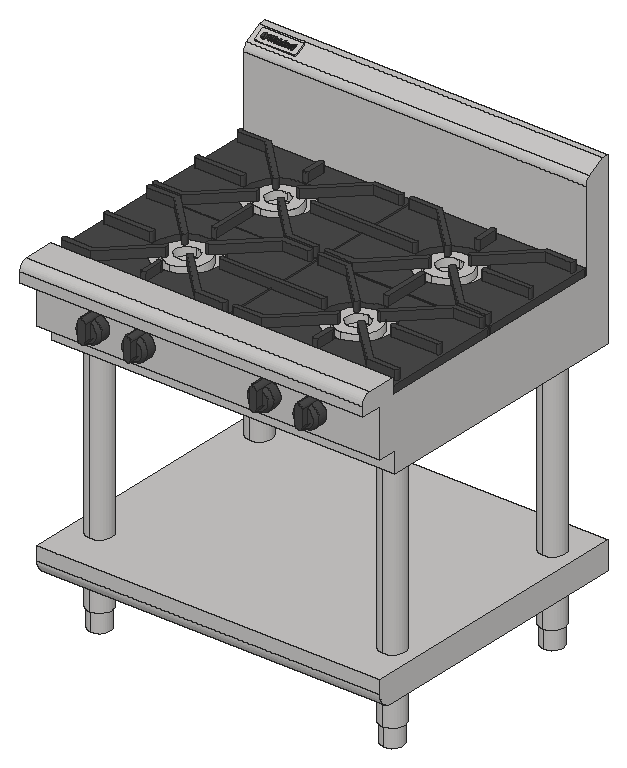
Revit family "QF_MOFFAT WALDORF_RN8900G-LS", category Specialty Equipment, Revit 2012
Parameters
  Weight in Pounds = 284.396
  URL Cutsheet = "www.moffat.com"
  URL = "www.moffat.com"
  Type Mark [instance] = ""
  Status [instance] = ""
  Specification by User [instance] = ""
  Specification by Manufacturer = ""
  Show Logo [instance] = yes
  Show Casters [instance] = no
  Serial Number = ""
  Seismic Rating = ""
  SMACNA No = ""
  Revision Code [instance] = ""
  Omniclass Number and Title = ""
  NAFEM Spec ID Number = ""
  Model = "RN8900G-LS"
  Mechanical Remarks [instance] = ""
  Mechanical Connection Type [instance] = ""
  Masterspec = ""
  Manufacturer = "MOFFAT WALDORF"
  Legs [instance] = not(Show Casters)  # yes
  Item Number [instance] = ""
  Installed By [instance] = ""
  Identify Quantity as Lot [instance] = yes
  Gas Size = 3/4"
  Gas RI Height [instance] = 0.0 mm
  Gas KW [instance] = 31
  Gas Input [instance] = 106156.0 Btu/h
  Gas Connection Height = 0.0 mm
  Furnished By [instance] = ""
  Foodservice Equipment Identifier [instance] = yes
  Description = "COOK TOP GAS ON LEG STAND"
  CSI MasterFormat = ""
  CSI Master Format = ""
  Base Height [instance] = 150.0 mm
Reference planes
  plane 1 "BACK": y = 0
  plane 2: z = 0
  plane 3 "LEFT": x = 0
  plane 4 "RIGHT": x = 900
  plane 5 "FRONT": y = -805
  plane 6 "TOP": z = 1130
  plane 7 "Center Y": x = 450
  plane 8 "Center X": y = -402.5
  plane 9 "Base Height": z = 150
  plane 10: z = 915
  plane 11: x = 65.8
Forms (mm)
  Extrusion 1, solid, material "QF_Finishes_Stainless Steel"
    sketch origin (0, 0, 0) x (0, 1, 0) y (0, 0, 1)
      loop
        line (-805, 891) -> (-805, 866) -> (-749, 866) -> (-749, 740) -> (-699, 740) -> (-699, 685) -> (0, 685) -> (0, 1130) -> (-16.5, 1130) -> (-58.709, 1105.631)
        arc (-58.709, 1105.631) -> (-66.975, 1097.365) -> (-70, 1086.074) r 22.582
        line (-70, 1086.074) -> (-70, 875) -> (-705, 875) -> (-705, 915) -> (-781, 915)
        arc (-781, 915) -> (-797.971, 907.971) -> (-805, 891) r 24
      loop
        line (0, 222.5) -> (-749, 222.5) -> (-749, 188)
        arc (-749, 188) -> (-737.87, 161.13) -> (-711, 150) r 38
        line (-711, 150) -> (0, 150) -> (0, 222.5)
    from 0 to 900
  Revolve 2, solid, material "QF_Finishes_Black"
    sketch origin (285.001, 0, 600) x (0, -1, 0) y (0, 0, 1)
      loop
        line (782, 234.605) -> (759, 234.605) -> (759, 207.105) -> (749, 207.105) -> (749, 202.105) -> (793, 202.105) -> (793, 228.757) -> (782, 234.605)
      axis (793, 202.105) -> (749, 202.105)
    angle from 0 to 360
  Extrusion 3, solid, material "QF_Finishes_Black"
    sketch origin (-3.43, 0, 496.003) x (1, 0, 0) y (0, 0, 1)
      loop
        line (298.431, 294) -> (298.431, 332.997)
        arc (298.431, 332.997) -> (288.431, 342.997) -> (278.431, 332.997) r 10
        line (278.431, 332.997) -> (278.431, 294)
        arc (278.431, 294) -> (288.431, 284) -> (298.431, 294) r 10
    from 759 to 808
  Extrusion 4, solid, material "QF_Finishes_Stainless Steel"
    sketch origin (705, 3, 95) x (1, 0, 0) y (0, 1, 0)
      loop
        circle (65, -35) r 13.5
    from 560 to 590
  Revolve 5, solid, material "QF_Finishes_Black"
    sketch origin (165, 0, 599.873) x (0, 1, 0) y (0, 0, -1)
      loop
        line (-782, -234.5) -> (-759, -234.5) -> (-759, -207) -> (-749, -207) -> (-749, -202) -> (-793, -202) -> (-793, -228.651) -> (-782, -234.5)
      axis (-793, -202) -> (-749, -202)
    angle from 0 to 360
  Extrusion 6, solid, material "QF_Finishes_Black"
    sketch origin (303.27, 0, 600.031) x (-1, 0, 0) y (0, 0, -1)
      loop
        arc (148.269, -189.969) -> (138.269, -179.969) -> (128.269, -189.969) r 10
        line (128.269, -189.969) -> (128.269, -228.969)
        arc (128.269, -228.969) -> (138.269, -238.969) -> (148.269, -228.969) r 10
        line (148.269, -228.969) -> (148.269, -189.969)
    from 759 to 808
  Extrusion 7, solid, material "QF_Finishes_Black"
    sketch origin (0, -70, 894.5) x (0, -1, 0) y (1, 0, 0)
      loop
        spline (259.398, 230.775) -> (258.104, 230.557) -> (256.898, 229.918) -> (255.862, 228.9) -> (255.068, 227.575) -> (254.568, 226.031) -> (254.398, 224.375) -> (254.568, 222.719) -> (255.068, 221.175) -> (255.862, 219.85) -> (256.898, 218.832) -> (258.104, 218.193) -> (259.398, 217.975)
        line (259.398, 217.975) -> (375.602, 217.975)
        spline (375.602, 217.975) -> (376.896, 218.193) -> (378.102, 218.832) -> (379.138, 219.85) -> (379.932, 221.175) -> (380.432, 222.719) -> (380.602, 224.375) -> (380.432, 226.031) -> (379.932, 227.575) -> (379.138, 228.9) -> (378.102, 229.918) -> (376.896, 230.557) -> (375.602, 230.775)
        line (375.602, 230.775) -> (259.398, 230.775)
      loop
        spline (608.602, 217.975) -> (609.896, 218.193) -> (611.102, 218.832) -> (612.138, 219.85) -> (612.932, 221.175) -> (613.432, 222.719) -> (613.602, 224.375) -> (613.432, 226.031) -> (612.932, 227.575) -> (612.138, 228.9) -> (611.102, 229.918) -> (609.896, 230.557) -> (608.602, 230.775)
        line (608.602, 230.775) -> (559.398, 230.775)
        spline (559.398, 230.775) -> (558.104, 230.557) -> (556.898, 229.918) -> (555.862, 228.9) -> (555.068, 227.575) -> (554.568, 226.031) -> (554.398, 224.375) -> (554.568, 222.719) -> (555.068, 221.175) -> (555.862, 219.85) -> (556.898, 218.832) -> (558.104, 218.193) -> (559.398, 217.975)
        line (559.398, 217.975) -> (608.602, 217.975)
      loop
        line (473.9, 13.273) -> (473.9, 132.477)
        spline (473.9, 132.477) -> (473.682, 133.771) -> (473.043, 134.977) -> (472.025, 136.013) -> (470.7, 136.807) -> (469.156, 137.307) -> (467.5, 137.477) -> (465.844, 137.307) -> (464.3, 136.807) -> (462.975, 136.013) -> (461.957, 134.977) -> (461.318, 133.771) -> (461.1, 132.477)
        line (461.1, 132.477) -> (461.1, 13.273)
        spline (461.1, 13.273) -> (461.318, 11.979) -> (461.957, 10.773) -> (462.975, 9.737) -> (464.3, 8.943) -> (465.844, 8.443) -> (467.5, 8.273) -> (469.156, 8.443) -> (470.7, 8.943) -> (472.025, 9.737) -> (473.043, 10.773) -> (473.682, 11.979) -> (473.9, 13.273)
      loop
        line (21.428, 87.354) -> (21.428, 13.21)
        spline (21.428, 13.21) -> (21.656, 11.916) -> (22.325, 10.71) -> (23.39, 9.675) -> (24.778, 8.88) -> (26.394, 8.381) -> (28.128, 8.21) -> (29.862, 8.381) -> (31.478, 8.88) -> (32.865, 9.675) -> (33.93, 10.71) -> (34.599, 11.916) -> (34.828, 13.21)
        line (34.828, 13.21) -> (34.828, 82.652) -> (140.576, 188.4)
        spline (140.576, 188.4) -> (141.337, 189.47) -> (141.738, 190.774) -> (141.751, 192.226) -> (141.375, 193.725) -> (140.637, 195.17) -> (139.586, 196.461) -> (138.295, 197.512) -> (136.85, 198.25) -> (135.351, 198.626) -> (133.899, 198.613) -> (132.595, 198.212) -> (131.525, 197.451)
        line (131.525, 197.451) -> (21.428, 87.354)
      loop
        spline (26.398, 230.775) -> (25.104, 230.557) -> (23.898, 229.918) -> (22.862, 228.9) -> (22.068, 227.575) -> (21.568, 226.031) -> (21.398, 224.375) -> (21.568, 222.719) -> (22.068, 221.175) -> (22.862, 219.85) -> (23.898, 218.832) -> (25.104, 218.193) -> (26.398, 217.975)
        line (26.398, 217.975) -> (75.602, 217.975)
        spline (75.602, 217.975) -> (76.896, 218.193) -> (78.102, 218.832) -> (79.138, 219.85) -> (79.932, 221.175) -> (80.432, 222.719) -> (80.602, 224.375) -> (80.432, 226.031) -> (79.932, 227.575) -> (79.138, 228.9) -> (78.102, 229.918) -> (76.896, 230.557) -> (75.602, 230.775)
        line (75.602, 230.775) -> (26.398, 230.775)
      loop
        line (313.572, 87.354) -> (203.475, 197.451)
        spline (203.475, 197.451) -> (202.405, 198.212) -> (201.101, 198.613) -> (199.649, 198.626) -> (198.15, 198.25) -> (196.705, 197.512) -> (195.414, 196.461) -> (194.363, 195.17) -> (193.625, 193.725) -> (193.249, 192.226) -> (193.262, 190.774) -> (193.663, 189.47) -> (194.424, 188.4)
        line (194.424, 188.4) -> (300.172, 82.652) -> (300.172, 13.21)
        spline (300.172, 13.21) -> (300.401, 11.916) -> (301.07, 10.71) -> (302.135, 9.675) -> (303.522, 8.88) -> (305.138, 8.381) -> (306.872, 8.21) -> (308.606, 8.381) -> (310.222, 8.88) -> (311.61, 9.675) -> (312.675, 10.71) -> (313.344, 11.916) -> (313.572, 13.21)
        line (313.572, 13.21) -> (313.572, 87.354)
      loop
        line (173.9, 13.273) -> (173.9, 132.477)
        spline (173.9, 132.477) -> (173.682, 133.771) -> (173.043, 134.977) -> (172.025, 136.013) -> (170.7, 136.807) -> (169.156, 137.307) -> (167.5, 137.477) -> (165.844, 137.307) -> (164.3, 136.807) -> (162.975, 136.013) -> (161.957, 134.977) -> (161.318, 133.771) -> (161.1, 132.477)
        line (161.1, 132.477) -> (161.1, 13.273)
        spline (161.1, 13.273) -> (161.318, 11.979) -> (161.957, 10.773) -> (162.975, 9.737) -> (164.3, 8.943) -> (165.844, 8.443) -> (167.5, 8.273) -> (169.156, 8.443) -> (170.7, 8.943) -> (172.025, 9.737) -> (173.043, 10.773) -> (173.682, 11.979) -> (173.9, 13.273)
      loop
        line (21.428, 361.396) -> (131.525, 251.299)
        spline (131.525, 251.299) -> (132.595, 250.538) -> (133.899, 250.137) -> (135.351, 250.124) -> (136.85, 250.5) -> (138.295, 251.238) -> (139.586, 252.289) -> (140.637, 253.58) -> (141.375, 255.025) -> (141.751, 256.524) -> (141.738, 257.976) -> (141.337, 259.28) -> (140.576, 260.35)
        line (140.576, 260.35) -> (34.828, 366.098) -> (34.828, 435.54)
        spline (34.828, 435.54) -> (34.599, 436.834) -> (33.93, 438.04) -> (32.865, 439.075) -> (31.478, 439.87) -> (29.862, 440.369) -> (28.128, 440.54) -> (26.394, 440.369) -> (24.778, 439.87) -> (23.39, 439.075) -> (22.325, 438.04) -> (21.656, 436.834) -> (21.428, 435.54)
        line (21.428, 435.54) -> (21.428, 361.396)
      loop
        line (313.572, 361.396) -> (313.572, 435.54)
        spline (313.572, 435.54) -> (313.344, 436.834) -> (312.675, 438.04) -> (311.61, 439.075) -> (310.222, 439.87) -> (308.606, 440.369) -> (306.872, 440.54) -> (305.138, 440.369) -> (303.522, 439.87) -> (302.135, 439.075) -> (301.07, 438.04) -> (300.401, 436.834) -> (300.172, 435.54)
        line (300.172, 435.54) -> (300.172, 366.098) -> (194.424, 260.35)
        spline (194.424, 260.35) -> (193.663, 259.28) -> (193.262, 257.976) -> (193.249, 256.524) -> (193.625, 255.025) -> (194.363, 253.58) -> (195.414, 252.289) -> (196.705, 251.238) -> (198.15, 250.5) -> (199.649, 250.124) -> (201.101, 250.137) -> (202.405, 250.538) -> (203.475, 251.299)
        line (203.475, 251.299) -> (313.572, 361.396)
      loop
        spline (173.9, 583.727) -> (173.682, 585.021) -> (173.043, 586.227) -> (172.025, 587.263) -> (170.7, 588.057) -> (169.156, 588.557) -> (167.5, 588.727) -> (165.844, 588.557) -> (164.3, 588.057) -> (162.975, 587.263) -> (161.957, 586.227) -> (161.318, 585.021) -> (161.1, 583.727)
        line (161.1, 583.727) -> (161.1, 316.273)
        spline (161.1, 316.273) -> (161.318, 314.979) -> (161.957, 313.773) -> (162.975, 312.737) -> (164.3, 311.943) -> (165.844, 311.443) -> (167.5, 311.273) -> (169.156, 311.443) -> (170.7, 311.943) -> (172.025, 312.737) -> (173.043, 313.773) -> (173.682, 314.979) -> (173.9, 316.273)
        line (173.9, 316.273) -> (173.9, 583.727)
      loop
        line (320.428, 87.354) -> (320.428, 13.21)
        spline (320.428, 13.21) -> (320.656, 11.916) -> (321.325, 10.71) -> (322.39, 9.675) -> (323.778, 8.88) -> (325.394, 8.381) -> (327.128, 8.21) -> (328.862, 8.381) -> (330.478, 8.88) -> (331.865, 9.675) -> (332.93, 10.71) -> (333.599, 11.916) -> (333.828, 13.21)
        line (333.828, 13.21) -> (333.828, 82.652) -> (439.576, 188.4)
        spline (439.576, 188.4) -> (440.337, 189.47) -> (440.738, 190.774) -> (440.751, 192.226) -> (440.375, 193.725) -> (439.637, 195.17) -> (438.586, 196.461) -> (437.295, 197.512) -> (435.85, 198.25) -> (434.351, 198.626) -> (432.899, 198.613) -> (431.595, 198.212) -> (430.525, 197.451)
        line (430.525, 197.451) -> (320.428, 87.354)
      loop
        line (612.572, 87.354) -> (502.475, 197.451)
        spline (502.475, 197.451) -> (501.405, 198.212) -> (500.101, 198.613) -> (498.649, 198.626) -> (497.15, 198.25) -> (495.705, 197.512) -> (494.414, 196.461) -> (493.363, 195.17) -> (492.625, 193.725) -> (492.249, 192.226) -> (492.262, 190.774) -> (492.663, 189.47) -> (493.424, 188.4)
        line (493.424, 188.4) -> (599.172, 82.652) -> (599.172, 13.21)
        spline (599.172, 13.21) -> (599.401, 11.916) -> (600.07, 10.71) -> (601.135, 9.675) -> (602.522, 8.88) -> (604.138, 8.381) -> (605.872, 8.21) -> (607.606, 8.381) -> (609.222, 8.88) -> (610.61, 9.675) -> (611.675, 10.71) -> (612.344, 11.916) -> (612.572, 13.21)
        line (612.572, 13.21) -> (612.572, 87.354)
      loop
        line (320.428, 361.396) -> (430.525, 251.299)
        spline (430.525, 251.299) -> (431.595, 250.538) -> (432.899, 250.137) -> (434.351, 250.124) -> (435.85, 250.5) -> (437.295, 251.238) -> (438.586, 252.289) -> (439.637, 253.58) -> (440.375, 255.025) -> (440.751, 256.524) -> (440.738, 257.976) -> (440.337, 259.28) -> (439.576, 260.35)
        line (439.576, 260.35) -> (333.828, 366.098) -> (333.828, 435.54)
        spline (333.828, 435.54) -> (333.599, 436.834) -> (332.93, 438.04) -> (331.865, 439.075) -> (330.478, 439.87) -> (328.862, 440.369) -> (327.128, 440.54) -> (325.394, 440.369) -> (323.778, 439.87) -> (322.39, 439.075) -> (321.325, 438.04) -> (320.656, 436.834) -> (320.428, 435.54)
        line (320.428, 435.54) -> (320.428, 361.396)
      loop
        line (612.572, 361.396) -> (612.572, 435.54)
        spline (612.572, 435.54) -> (612.344, 436.834) -> (611.675, 438.04) -> (610.61, 439.075) -> (609.222, 439.87) -> (607.606, 440.369) -> (605.872, 440.54) -> (604.138, 440.369) -> (602.522, 439.87) -> (601.135, 439.075) -> (600.07, 438.04) -> (599.401, 436.834) -> (599.172, 435.54)
        line (599.172, 435.54) -> (599.172, 366.098) -> (493.424, 260.35)
        spline (493.424, 260.35) -> (492.663, 259.28) -> (492.262, 257.976) -> (492.249, 256.524) -> (492.625, 255.025) -> (493.363, 253.58) -> (494.414, 252.289) -> (495.705, 251.238) -> (497.15, 250.5) -> (498.649, 250.124) -> (500.101, 250.137) -> (501.405, 250.538) -> (502.475, 251.299)
        line (502.475, 251.299) -> (612.572, 361.396)
      loop
        spline (472.9, 583.727) -> (472.682, 585.021) -> (472.043, 586.227) -> (471.025, 587.263) -> (469.7, 588.057) -> (468.156, 588.557) -> (466.5, 588.727) -> (464.844, 588.557) -> (463.3, 588.057) -> (461.975, 587.263) -> (460.957, 586.227) -> (460.318, 585.021) -> (460.1, 583.727)
        line (460.1, 583.727) -> (460.1, 316.273)
        spline (460.1, 316.273) -> (460.318, 314.979) -> (460.957, 313.773) -> (461.975, 312.737) -> (463.3, 311.943) -> (464.844, 311.443) -> (466.5, 311.273) -> (468.156, 311.443) -> (469.7, 311.943) -> (471.025, 312.737) -> (472.043, 313.773) -> (472.682, 314.979) -> (472.9, 316.273)
        line (472.9, 316.273) -> (472.9, 583.727)
      loop
        line (259.398, 669.225) -> (375.602, 669.225)
        spline (375.602, 669.225) -> (376.896, 669.443) -> (378.102, 670.082) -> (379.138, 671.1) -> (379.932, 672.425) -> (380.432, 673.969) -> (380.602, 675.625) -> (380.432, 677.281) -> (379.932, 678.825) -> (379.138, 680.15) -> (378.102, 681.168) -> (376.896, 681.807) -> (375.602, 682.025)
        line (375.602, 682.025) -> (259.398, 682.025)
        spline (259.398, 682.025) -> (258.104, 681.807) -> (256.898, 681.168) -> (255.862, 680.15) -> (255.068, 678.825) -> (254.568, 677.281) -> (254.398, 675.625) -> (254.568, 673.969) -> (255.068, 672.425) -> (255.862, 671.1) -> (256.898, 670.082) -> (258.104, 669.443) -> (259.398, 669.225)
      loop
        line (608.602, 682.025) -> (559.398, 682.025)
        spline (559.398, 682.025) -> (558.104, 681.807) -> (556.898, 681.168) -> (555.862, 680.15) -> (555.068, 678.825) -> (554.568, 677.281) -> (554.398, 675.625) -> (554.568, 673.969) -> (555.068, 672.425) -> (555.862, 671.1) -> (556.898, 670.082) -> (558.104, 669.443) -> (559.398, 669.225)
        line (559.398, 669.225) -> (608.602, 669.225)
        spline (608.602, 669.225) -> (609.896, 669.443) -> (611.102, 670.082) -> (612.138, 671.1) -> (612.932, 672.425) -> (613.432, 673.969) -> (613.602, 675.625) -> (613.432, 677.281) -> (612.932, 678.825) -> (612.138, 680.15) -> (611.102, 681.168) -> (609.896, 681.807) -> (608.602, 682.025)
      loop
        spline (473.9, 886.727) -> (473.682, 888.021) -> (473.043, 889.227) -> (472.025, 890.263) -> (470.7, 891.057) -> (469.156, 891.557) -> (467.5, 891.727) -> (465.844, 891.557) -> (464.3, 891.057) -> (462.975, 890.263) -> (461.957, 889.227) -> (461.318, 888.021) -> (461.1, 886.727)
        line (461.1, 886.727) -> (461.1, 767.523)
        spline (461.1, 767.523) -> (461.318, 766.229) -> (461.957, 765.023) -> (462.975, 763.987) -> (464.3, 763.193) -> (465.844, 762.693) -> (467.5, 762.523) -> (469.156, 762.693) -> (470.7, 763.193) -> (472.025, 763.987) -> (473.043, 765.023) -> (473.682, 766.229) -> (473.9, 767.523)
        line (473.9, 767.523) -> (473.9, 886.727)
      loop
        line (21.428, 812.646) -> (131.525, 702.549)
        spline (131.525, 702.549) -> (132.595, 701.788) -> (133.899, 701.387) -> (135.351, 701.374) -> (136.85, 701.75) -> (138.295, 702.488) -> (139.586, 703.539) -> (140.637, 704.83) -> (141.375, 706.275) -> (141.751, 707.774) -> (141.738, 709.226) -> (141.337, 710.53) -> (140.576, 711.6)
        line (140.576, 711.6) -> (34.828, 817.348) -> (34.828, 886.79)
        spline (34.828, 886.79) -> (34.599, 888.084) -> (33.93, 889.29) -> (32.865, 890.325) -> (31.478, 891.12) -> (29.862, 891.619) -> (28.128, 891.79) -> (26.394, 891.619) -> (24.778, 891.12) -> (23.39, 890.325) -> (22.325, 889.29) -> (21.656, 888.084) -> (21.428, 886.79)
        line (21.428, 886.79) -> (21.428, 812.646)
      loop
        line (26.398, 669.225) -> (75.602, 669.225)
        spline (75.602, 669.225) -> (76.896, 669.443) -> (78.102, 670.082) -> (79.138, 671.1) -> (79.932, 672.425) -> (80.432, 673.969) -> (80.602, 675.625) -> (80.432, 677.281) -> (79.932, 678.825) -> (79.138, 680.15) -> (78.102, 681.168) -> (76.896, 681.807) -> (75.602, 682.025)
        line (75.602, 682.025) -> (26.398, 682.025)
        spline (26.398, 682.025) -> (25.104, 681.807) -> (23.898, 681.168) -> (22.862, 680.15) -> (22.068, 678.825) -> (21.568, 677.281) -> (21.398, 675.625) -> (21.568, 673.969) -> (22.068, 672.425) -> (22.862, 671.1) -> (23.898, 670.082) -> (25.104, 669.443) -> (26.398, 669.225)
      loop
        line (313.572, 812.646) -> (313.572, 886.79)
        spline (313.572, 886.79) -> (313.344, 888.084) -> (312.675, 889.29) -> (311.61, 890.325) -> (310.222, 891.12) -> (308.606, 891.619) -> (306.872, 891.79) -> (305.138, 891.619) -> (303.522, 891.12) -> (302.135, 890.325) -> (301.07, 889.29) -> (300.401, 888.084) -> (300.172, 886.79)
        line (300.172, 886.79) -> (300.172, 817.348) -> (194.424, 711.6)
        spline (194.424, 711.6) -> (193.663, 710.53) -> (193.262, 709.226) -> (193.249, 707.774) -> (193.625, 706.275) -> (194.363, 704.83) -> (195.414, 703.539) -> (196.705, 702.488) -> (198.15, 701.75) -> (199.649, 701.374) -> (201.101, 701.387) -> (202.405, 701.788) -> (203.475, 702.549)
        line (203.475, 702.549) -> (313.572, 812.646)
      loop
        spline (173.9, 886.727) -> (173.682, 888.021) -> (173.043, 889.227) -> (172.025, 890.263) -> (170.7, 891.057) -> (169.156, 891.557) -> (167.5, 891.727) -> (165.844, 891.557) -> (164.3, 891.057) -> (162.975, 890.263) -> (161.957, 889.227) -> (161.318, 888.021) -> (161.1, 886.727)
        line (161.1, 886.727) -> (161.1, 767.523)
        spline (161.1, 767.523) -> (161.318, 766.229) -> (161.957, 765.023) -> (162.975, 763.987) -> (164.3, 763.193) -> (165.844, 762.693) -> (167.5, 762.523) -> (169.156, 762.693) -> (170.7, 763.193) -> (172.025, 763.987) -> (173.043, 765.023) -> (173.682, 766.229) -> (173.9, 767.523)
        line (173.9, 767.523) -> (173.9, 886.727)
      loop
        line (21.428, 538.604) -> (21.428, 464.46)
        spline (21.428, 464.46) -> (21.656, 463.166) -> (22.325, 461.96) -> (23.39, 460.925) -> (24.778, 460.13) -> (26.394, 459.631) -> (28.128, 459.46) -> (29.862, 459.631) -> (31.478, 460.13) -> (32.865, 460.925) -> (33.93, 461.96) -> (34.599, 463.166) -> (34.828, 464.46)
        line (34.828, 464.46) -> (34.828, 533.902) -> (140.576, 639.65)
        spline (140.576, 639.65) -> (141.337, 640.72) -> (141.738, 642.024) -> (141.751, 643.476) -> (141.375, 644.975) -> (140.637, 646.42) -> (139.586, 647.711) -> (138.295, 648.762) -> (136.85, 649.5) -> (135.351, 649.876) -> (133.899, 649.863) -> (132.595, 649.462) -> (131.525, 648.701)
        line (131.525, 648.701) -> (21.428, 538.604)
      loop
        line (313.572, 538.604) -> (203.475, 648.701)
        spline (203.475, 648.701) -> (202.405, 649.462) -> (201.101, 649.863) -> (199.649, 649.876) -> (198.15, 649.5) -> (196.705, 648.762) -> (195.414, 647.711) -> (194.363, 646.42) -> (193.625, 644.975) -> (193.249, 643.476) -> (193.262, 642.024) -> (193.663, 640.72) -> (194.424, 639.65)
        line (194.424, 639.65) -> (300.172, 533.902) -> (300.172, 464.46)
        spline (300.172, 464.46) -> (300.401, 463.166) -> (301.07, 461.96) -> (302.135, 460.925) -> (303.522, 460.13) -> (305.138, 459.631) -> (306.872, 459.46) -> (308.606, 459.631) -> (310.222, 460.13) -> (311.61, 460.925) -> (312.675, 461.96) -> (313.344, 463.166) -> (313.572, 464.46)
        line (313.572, 464.46) -> (313.572, 538.604)
      loop
        line (320.428, 812.646) -> (430.525, 702.549)
        spline (430.525, 702.549) -> (431.595, 701.788) -> (432.899, 701.387) -> (434.351, 701.374) -> (435.85, 701.75) -> (437.295, 702.488) -> (438.586, 703.539) -> (439.637, 704.83) -> (440.375, 706.275) -> (440.751, 707.774) -> (440.738, 709.226) -> (440.337, 710.53) -> (439.576, 711.6)
        line (439.576, 711.6) -> (333.828, 817.348) -> (333.828, 886.79)
        spline (333.828, 886.79) -> (333.599, 888.084) -> (332.93, 889.29) -> (331.865, 890.325) -> (330.478, 891.12) -> (328.862, 891.619) -> (327.128, 891.79) -> (325.394, 891.619) -> (323.778, 891.12) -> (322.39, 890.325) -> (321.325, 889.29) -> (320.656, 888.084) -> (320.428, 886.79)
        line (320.428, 886.79) -> (320.428, 812.646)
      loop
        line (612.572, 812.646) -> (612.572, 886.79)
        spline (612.572, 886.79) -> (612.344, 888.084) -> (611.675, 889.29) -> (610.61, 890.325) -> (609.222, 891.12) -> (607.606, 891.619) -> (605.872, 891.79) -> (604.138, 891.619) -> (602.522, 891.12) -> (601.135, 890.325) -> (600.07, 889.29) -> (599.401, 888.084) -> (599.172, 886.79)
        line (599.172, 886.79) -> (599.172, 817.348) -> (493.424, 711.6)
        spline (493.424, 711.6) -> (492.663, 710.53) -> (492.262, 709.226) -> (492.249, 707.774) -> (492.625, 706.275) -> (493.363, 704.83) -> (494.414, 703.539) -> (495.705, 702.488) -> (497.15, 701.75) -> (498.649, 701.374) -> (500.101, 701.387) -> (501.405, 701.788) -> (502.475, 702.549)
        line (502.475, 702.549) -> (612.572, 812.646)
      loop
        line (320.428, 538.604) -> (320.428, 464.46)
        spline (320.428, 464.46) -> (320.656, 463.166) -> (321.325, 461.96) -> (322.39, 460.925) -> (323.778, 460.13) -> (325.394, 459.631) -> (327.128, 459.46) -> (328.862, 459.631) -> (330.478, 460.13) -> (331.865, 460.925) -> (332.93, 461.96) -> (333.599, 463.166) -> (333.828, 464.46)
        line (333.828, 464.46) -> (333.828, 533.902) -> (439.576, 639.65)
        spline (439.576, 639.65) -> (440.337, 640.72) -> (440.738, 642.024) -> (440.751, 643.476) -> (440.375, 644.975) -> (439.637, 646.42) -> (438.586, 647.711) -> (437.295, 648.762) -> (435.85, 649.5) -> (434.351, 649.876) -> (432.899, 649.863) -> (431.595, 649.462) -> (430.525, 648.701)
        line (430.525, 648.701) -> (320.428, 538.604)
      loop
        line (612.572, 538.604) -> (502.475, 648.701)
        spline (502.475, 648.701) -> (501.405, 649.462) -> (500.101, 649.863) -> (498.649, 649.876) -> (497.15, 649.5) -> (495.705, 648.762) -> (494.414, 647.711) -> (493.363, 646.42) -> (492.625, 644.975) -> (492.249, 643.476) -> (492.262, 642.024) -> (492.663, 640.72) -> (493.424, 639.65)
        line (493.424, 639.65) -> (599.172, 533.902) -> (599.172, 464.46)
        spline (599.172, 464.46) -> (599.401, 463.166) -> (600.07, 461.96) -> (601.135, 460.925) -> (602.522, 460.13) -> (604.138, 459.631) -> (605.872, 459.46) -> (607.606, 459.631) -> (609.222, 460.13) -> (610.61, 460.925) -> (611.675, 461.96) -> (612.344, 463.166) -> (612.572, 464.46)
        line (612.572, 464.46) -> (612.572, 538.604)
    from 0 to 23.5
  Revolve 8, solid, material "QF_Finishes_Black"
    sketch origin (735, 0, 600) x (0, -1, 0) y (0, 0, 1)
      loop
        line (782, 234.605) -> (759, 234.605) -> (759, 207.105) -> (749, 207.105) -> (749, 202.105) -> (793, 202.105) -> (793, 228.757) -> (782, 234.605)
      axis (793, 202.105) -> (749, 202.105)
    angle from 0 to 360
  Extrusion 9, solid, material "QF_Finishes_Black"
    sketch origin (596.569, 0, 496.003) x (1, 0, 0) y (0, 0, 1)
      loop
        line (148.431, 294) -> (148.431, 332.997)
        arc (148.431, 332.997) -> (138.431, 342.997) -> (128.431, 332.997) r 10
        line (128.431, 332.997) -> (128.431, 294)
        arc (128.431, 294) -> (138.431, 284) -> (148.431, 294) r 10
    from 759 to 808
  Revolve 10, solid, material "QF_Finishes_Black"
    sketch origin (615, 0, 599.907) x (0, 1, 0) y (0, 0, -1)
      loop
        line (-782, -234.5) -> (-759, -234.5) -> (-759, -207) -> (-749, -207) -> (-749, -202) -> (-793, -202) -> (-793, -228.651) -> (-782, -234.5)
      axis (-793, -202) -> (-749, -202)
    angle from 0 to 360
  Extrusion 11, solid, material "QF_Finishes_Black"
    sketch origin (603.269, 0, 600.031) x (-1, 0, 0) y (0, 0, -1)
      loop
        arc (-1.731, -189.969) -> (-11.731, -179.969) -> (-21.731, -189.969) r 10
        line (-21.731, -189.969) -> (-21.731, -228.969)
        arc (-21.731, -228.969) -> (-11.731, -238.969) -> (-1.731, -228.969) r 10
        line (-1.731, -228.969) -> (-1.731, -189.969)
    from 759 to 808
  Revolve 12, solid, material "QF_Finishes_Stainless Steel", visible <- "Legs"
    sketch origin (65, -165, 0) x (0, 1, 0) y (0, 0, 1)
      loop
        line (33.25, 150) -> (33.25, 50) -> (37.5, 50) -> (37.5, 0) -> (65, 0) -> (65, 150) -> (33.25, 150)
      axis (65, 150) -> (65, 0)
    angle from 0 to 360
  Revolve 13, solid, material "QF_Finishes_Stainless Steel"
    sketch origin (65, -735, 0) x (0, 1, 0) y (0, 0, 1)
      loop
        line (78.25, 150) -> (78.25, 50) -> (82.5, 50) -> (82.5, 0) -> (110, 0) -> (110, 150) -> (78.25, 150)
      axis (110, 150) -> (110, 0)
    angle from 0 to 360
  Revolve 14, solid, material "QF_Finishes_Stainless Steel", visible <- "Legs"
    sketch origin (835, -165, 0) x (0, 1, 0) y (0, 0, -1)
      loop
        line (33.25, -150) -> (65, -150) -> (65, 0) -> (37.5, 0) -> (37.5, -50) -> (33.25, -50) -> (33.25, -150)
      axis (65, -150) -> (65, 0)
    angle from 0 to 360
  Revolve 15, solid, material "QF_Finishes_Stainless Steel"
    sketch origin (835, -735, 0) x (0, 1, 0) y (0, 0, -1)
      loop
        line (78.25, -150) -> (110, -150) -> (110, 0) -> (82.5, 0) -> (82.5, -50) -> (78.25, -50) -> (78.25, -150)
      axis (110, -150) -> (110, 0)
    angle from 0 to 360
  Extrusion 16, solid, material "QF_Finishes_Stainless Steel"
    sketch origin (0, 0, 222.5) x (0, -1, 0) y (1, 0, 0)
      loop
        circle (100, 65) r 31.75
      loop
        circle (100, 835) r 31.75
      loop
        circle (625, 65) r 31.75
      loop
        circle (625, 835) r 31.75
    from 0 to 462.5
  Extrusion 17, solid, material "QF_Finishes_Stainless Steel"
    sketch origin (0, -70, 875) x (0, -1, 0) y (1, 0, 0)
      loop
        circle (167.5, 224) r 57
      loop
        circle (167.5, 674) r 57
      loop
        circle (466.5, 674) r 57
      loop
        circle (466.5, 224) r 57
      loop
        circle (167.5, 224) r 30
      loop
        circle (167.5, 674) r 30
      loop
        circle (466.5, 674) r 30
      loop
        circle (466.5, 224) r 30
    from 0 to 20
  Extrusion 18, solid, material "QF_Finishes_Black"
    sketch origin (0, -70, 875) x (0, -1, 0) y (1, 0, 0)
      loop
        arc (1, 4) -> (1.879, 1.879) -> (4, 1) r 3
        line (4, 1) -> (312.375, 1)
        arc (312.375, 1) -> (314.496, 1.879) -> (315.375, 4) r 3
        line (315.375, 4) -> (315.375, 445.187)
        arc (315.375, 445.187) -> (314.496, 447.309) -> (312.375, 448.187) r 3
        line (312.375, 448.187) -> (4, 448.187)
        arc (4, 448.187) -> (1.879, 447.309) -> (1, 445.187) r 3
        line (1, 445.187) -> (1, 4)
      loop
        line (631, 899) -> (321.375, 899)
        arc (321.375, 899) -> (319.254, 898.121) -> (318.375, 896) r 3
        line (318.375, 896) -> (318.375, 454.812)
        arc (318.375, 454.812) -> (319.254, 452.691) -> (321.375, 451.812) r 3
        line (321.375, 451.812) -> (631, 451.812)
        arc (631, 451.812) -> (633.121, 452.691) -> (634, 454.812) r 3
        line (634, 454.812) -> (634, 896)
        arc (634, 896) -> (633.121, 898.121) -> (631, 899) r 3
      loop
        arc (4, 899) -> (1.879, 898.121) -> (1, 896) r 3
        line (1, 896) -> (1, 454.812)
        arc (1, 454.812) -> (1.879, 452.691) -> (4, 451.812) r 3
        line (4, 451.812) -> (312.375, 451.812)
        arc (312.375, 451.812) -> (314.496, 452.691) -> (315.375, 454.812) r 3
        line (315.375, 454.812) -> (315.375, 896)
        arc (315.375, 896) -> (314.496, 898.121) -> (312.375, 899) r 3
        line (312.375, 899) -> (4, 899)
      loop
        line (634, 4) -> (634, 445.187)
        arc (634, 445.187) -> (633.121, 447.309) -> (631, 448.187) r 3
        line (631, 448.187) -> (321.375, 448.187)
        arc (321.375, 448.187) -> (319.254, 447.309) -> (318.375, 445.187) r 3
        line (318.375, 445.187) -> (318.375, 4)
        arc (318.375, 4) -> (319.254, 1.879) -> (321.375, 1) r 3
        line (321.375, 1) -> (631, 1)
        arc (631, 1) -> (633.121, 1.879) -> (634, 4) r 3
      loop
        circle (167.98, 675.95) r 84.082
      loop
        circle (467.98, 675.95) r 84.082
      loop
        circle (467.079, 224.937) r 84.082
      loop
        circle (167.079, 224.937) r 84.082
    from 0 to 19.5
Lines and regions (mm)
  Split face 1
    outline origin (49.063, -19.748, 1128.125) x (0, -0.866025, -0.5) y (1, 0, 0)
      loop
        line (1.427, 105.5) -> (35.836, 105.5) -> (35.836, 125.5) -> (1.427, 125.5) -> (1.427, 105.5)
  Split face 2
    outline origin (99.063, -19.748, 1128.125) x (0, -0.866025, -0.5) y (1, 0, 0)
      loop
        line (1.427, 105.5) -> (35.836, 105.5) -> (35.836, 125.5) -> (1.427, 125.5) -> (1.427, 105.5)
  Split face 3
    outline origin (149.063, -19.748, 1128.125) x (0, -0.866025, -0.5) y (1, 0, 0)
      loop
        line (1.427, 105.5) -> (35.836, 105.5) -> (35.836, 125.5) -> (1.427, 125.5) -> (1.427, 105.5)
  Split face 4
    outline origin (199.063, -19.748, 1128.125) x (0, -0.866025, -0.5) y (1, 0, 0)
      loop
        line (1.427, 105.5) -> (35.836, 105.5) -> (35.836, 125.5) -> (1.427, 125.5) -> (1.427, 105.5)
  Split face 5
    outline origin (249.063, -19.748, 1128.125) x (0, -0.866025, -0.5) y (1, 0, 0)
      loop
        line (1.427, 105.5) -> (35.836, 105.5) -> (35.836, 125.5) -> (1.427, 125.5) -> (1.427, 105.5)
  Split face 6
    outline origin (299.063, -19.748, 1128.125) x (0, -0.866025, -0.5) y (1, 0, 0)
      loop
        line (1.427, 105.5) -> (35.836, 105.5) -> (35.836, 125.5) -> (1.427, 125.5) -> (1.427, 105.5)
  Split face 7
    outline origin (349.063, -19.748, 1128.125) x (0, -0.866025, -0.5) y (1, 0, 0)
      loop
        line (1.427, 105.5) -> (35.836, 105.5) -> (35.836, 125.5) -> (1.427, 125.5) -> (1.427, 105.5)
  Split face 8
    outline origin (399.063, -19.748, 1128.125) x (0, -0.866025, -0.5) y (1, 0, 0)
      loop
        line (1.427, 105.5) -> (35.836, 105.5) -> (35.836, 125.5) -> (1.427, 125.5) -> (1.427, 105.5)
  Split face 9
    outline origin (449.063, -19.748, 1128.125) x (0, -0.866025, -0.5) y (1, 0, 0)
      loop
        line (1.427, 105.5) -> (35.836, 105.5) -> (35.836, 125.5) -> (1.427, 125.5) -> (1.427, 105.5)
  Split face 10
    outline origin (499.063, -19.748, 1128.125) x (0, -0.866025, -0.5) y (1, 0, 0)
      loop
        line (1.427, 105.5) -> (35.836, 105.5) -> (35.836, 125.5) -> (1.427, 125.5) -> (1.427, 105.5)
  Split face 11
    outline origin (549.063, -19.748, 1128.125) x (0, -0.866025, -0.5) y (1, 0, 0)
      loop
        line (1.427, 105.5) -> (35.836, 105.5) -> (35.836, 125.5) -> (1.427, 125.5) -> (1.427, 105.5)
  Split face 12
    outline origin (599.063, -19.748, 1128.125) x (0, -0.866025, -0.5) y (1, 0, 0)
      loop
        line (1.427, 105.5) -> (35.836, 105.5) -> (35.836, 125.5) -> (1.427, 125.5) -> (1.427, 105.5)
  symbolic lines, visible <- "Show Logo"
    curve 1: line (12.5, -52.06, 0) -> (12.5, -21.099, 0)
    curve 2: line (121.5, -21.099, 0) -> (121.5, -52.06, 0)
    curve 3: line (12.5, -21.099, 0) -> (121.5, -21.099, 0)
    curve 4: line (12.5, -52.06, 0) -> (121.5, -52.06, 0)
  symbolic lines
    curve 5: line (154.563, -50.782, 0) -> (154.563, -20.984, 0)
    curve 6: line (154.563, -20.984, 0) -> (174.562, -20.984, 0)
    curve 7: line (174.562, -20.984, 0) -> (174.562, -50.782, 0)
    curve 8: line (174.562, -50.782, 0) -> (154.563, -50.782, 0)
    curve 9: line (204.563, -20.984, 0) -> (204.563, -50.782, 0)
    curve 10: line (204.563, -50.782, 0) -> (224.562, -50.782, 0)
    curve 11: line (224.562, -50.782, 0) -> (224.562, -20.984, 0)
    curve 12: line (224.562, -20.984, 0) -> (204.563, -20.984, 0)
    curve 13: line (254.563, -20.984, 0) -> (254.563, -50.782, 0)
    curve 14: line (254.563, -50.782, 0) -> (274.562, -50.782, 0)
    curve 15: line (274.562, -50.782, 0) -> (274.562, -20.984, 0)
    curve 16: line (274.562, -20.984, 0) -> (254.563, -20.984, 0)
    curve 17: line (304.563, -20.984, 0) -> (304.563, -50.782, 0)
    curve 18: line (304.563, -50.782, 0) -> (324.563, -50.782, 0)
    curve 19: line (324.563, -50.782, 0) -> (324.563, -20.984, 0)
    curve 20: line (324.563, -20.984, 0) -> (304.563, -20.984, 0)
    curve 21: line (354.563, -20.984, 0) -> (354.563, -50.782, 0)
    curve 22: line (354.563, -50.782, 0) -> (374.563, -50.782, 0)
    curve 23: line (374.563, -50.782, 0) -> (374.563, -20.984, 0)
    curve 24: line (374.563, -20.984, 0) -> (354.563, -20.984, 0)
    curve 25: line (404.563, -50.782, 0) -> (404.563, -20.984, 0)
    curve 26: line (404.563, -20.984, 0) -> (424.563, -20.984, 0)
    curve 27: line (424.563, -20.984, 0) -> (424.563, -50.782, 0)
    curve 28: line (424.563, -50.782, 0) -> (404.563, -50.782, 0)
    curve 29: line (454.563, -50.782, 0) -> (454.563, -20.984, 0)
    curve 30: line (454.563, -20.984, 0) -> (474.563, -20.984, 0)
    curve 31: line (474.563, -20.984, 0) -> (474.563, -50.782, 0)
    curve 32: line (474.563, -50.782, 0) -> (454.563, -50.782, 0)
    curve 33: line (504.563, -20.984, 0) -> (504.563, -50.782, 0)
    curve 34: line (504.563, -50.782, 0) -> (524.563, -50.782, 0)
    curve 35: line (524.563, -50.782, 0) -> (524.563, -20.984, 0)
    curve 36: line (524.563, -20.984, 0) -> (504.563, -20.984, 0)
    curve 37: line (554.563, -50.782, 0) -> (554.563, -20.984, 0)
    curve 38: line (554.563, -20.984, 0) -> (574.563, -20.984, 0)
    curve 39: line (574.563, -20.984, 0) -> (574.563, -50.782, 0)
    curve 40: line (574.563, -50.782, 0) -> (554.563, -50.782, 0)
    curve 41: line (604.563, -50.782, 0) -> (604.563, -20.984, 0)
    curve 42: line (604.563, -20.984, 0) -> (624.563, -20.984, 0)
    curve 43: line (624.563, -20.984, 0) -> (624.563, -50.782, 0)
    curve 44: line (624.563, -50.782, 0) -> (604.563, -50.782, 0)
    curve 45: line (654.563, -50.782, 0) -> (654.563, -20.984, 0)
    curve 46: line (654.563, -20.984, 0) -> (674.563, -20.984, 0)
    curve 47: line (674.563, -20.984, 0) -> (674.563, -50.782, 0)
    curve 48: line (674.563, -50.782, 0) -> (654.563, -50.782, 0)
    curve 49: line (724.563, -50.782, 0) -> (704.563, -50.782, 0)
    curve 50: line (704.563, -50.782, 0) -> (704.563, -20.984, 0)
    curve 51: line (704.563, -20.984, 0) -> (724.563, -20.984, 0)
    curve 52: line (724.563, -20.984, 0) -> (724.563, -50.782, 0)
    curve 53: line (0, -805, 0) -> (900, -805, 0)
    curve 54: line (0, 0, 0) -> (0, -805, 0)
    curve 55: line (900, -805, 0) -> (900, 0, 0)
    curve 56: line (900, 0, 0) -> (0, 0, 0)
    curve 57: line (0, -70, 0) -> (900, -70, 0)
    curve 58: line (900, -705, 0) -> (0, -705, 0)
    curve 59: line (7.898, -98.128, 0) -> (84.628, -98.128, 0)
    curve 60: line (84.628, -98.128, 0) -> (192.551, -206.051, 0)
    curve 61: line (224, -96.398, 0) -> (224, -145.602, 0)
    curve 62: line (440.102, -98.128, 0) -> (363.372, -98.128, 0)
    curve 63: line (363.372, -98.128, 0) -> (255.449, -206.051, 0)
    curve 64: line (578.727, -237.5, 0) -> (315.898, -237.5, 0)
    curve 65: line (457.898, -98.128, 0) -> (534.628, -98.128, 0)
    curve 66: line (534.628, -98.128, 0) -> (642.551, -206.051, 0)
    curve 67: line (7.898, -237.5, 0) -> (132.102, -237.5, 0)
    curve 68: line (7.898, -376.872, 0) -> (84.628, -376.872, 0)
    curve 69: line (84.628, -376.872, 0) -> (192.551, -268.949, 0)
    curve 70: line (224, -440.611, 0) -> (224, -329.398, 0)
    curve 71: line (440.102, -376.872, 0) -> (363.372, -376.872, 0)
    curve 72: line (363.372, -376.872, 0) -> (255.449, -268.949, 0)
    curve 73: line (7.898, -397.128, 0) -> (84.628, -397.128, 0)
    curve 74: line (84.628, -397.128, 0) -> (192.551, -505.051, 0)
    curve 75: line (440.102, -397.128, 0) -> (363.372, -397.128, 0)
    curve 76: line (363.372, -397.128, 0) -> (255.449, -505.051, 0)
    curve 77: line (578.727, -536.5, 0) -> (315.898, -536.5, 0)
    curve 78: line (7.898, -536.5, 0) -> (132.102, -536.5, 0)
    curve 79: line (7.898, -675.872, 0) -> (84.628, -675.872, 0)
    curve 80: line (84.628, -675.872, 0) -> (192.551, -567.949, 0)
    curve 81: line (224, -677.602, 0) -> (224, -628.398, 0)
    curve 82: line (440.102, -675.872, 0) -> (363.372, -675.872, 0)
    curve 83: line (363.372, -675.872, 0) -> (255.449, -567.949, 0)
    curve 84: arc (224, -479.5, 0) -> (281, -536.5, 0) -> (224, -593.5, 0) r 57
    curve 85: arc (224, -593.5, 0) -> (167, -536.5, 0) -> (224, -479.5, 0) r 57
    curve 86: arc (224, -180.5, 0) -> (281, -237.5, 0) -> (224, -294.5, 0) r 57
    curve 87: arc (224, -294.5, 0) -> (167, -237.5, 0) -> (224, -180.5, 0) r 57
    curve 88: arc (674, -294.5, 0) -> (617, -237.5, 0) -> (674, -180.5, 0) r 57
    curve 89: arc (674, -180.5, 0) -> (731, -237.5, 0) -> (674, -294.5, 0) r 57
    curve 90: arc (674, -593.5, 0) -> (617, -536.5, 0) -> (674, -479.5, 0) r 57
    curve 91: arc (674, -479.5, 0) -> (731, -536.5, 0) -> (674, -593.5, 0) r 57
    curve 92: line (457.898, -376.872, 0) -> (534.628, -376.872, 0)
    curve 93: line (534.628, -376.872, 0) -> (642.551, -268.949, 0)
    curve 94: line (890.102, -98.128, 0) -> (813.372, -98.128, 0)
    curve 95: line (813.372, -98.128, 0) -> (705.449, -206.051, 0)
    curve 96: line (674, -96.398, 0) -> (674, -145.602, 0)
    curve 97: line (890.102, -237.5, 0) -> (765.898, -237.5, 0)
    curve 98: line (890.102, -376.872, 0) -> (813.372, -376.872, 0)
    curve 99: line (813.372, -376.872, 0) -> (705.449, -268.949, 0)
    curve 100: line (890.102, -397.128, 0) -> (813.372, -397.128, 0)
    curve 101: line (813.372, -397.128, 0) -> (705.449, -505.051, 0)
    curve 102: line (457.898, -397.128, 0) -> (534.628, -397.128, 0)
    curve 103: line (534.628, -397.128, 0) -> (642.551, -505.051, 0)
    curve 104: line (674, -440.766, 0) -> (674, -329.398, 0)
    curve 105: line (890.102, -536.5, 0) -> (765.898, -536.5, 0)
    curve 106: line (890.102, -675.872, 0) -> (813.372, -675.872, 0)
    curve 107: line (813.372, -675.872, 0) -> (705.449, -567.949, 0)
    curve 108: line (674, -677.602, 0) -> (674, -628.398, 0)
    curve 109: line (457.898, -675.872, 0) -> (534.628, -675.872, 0)
    curve 110: line (534.628, -675.872, 0) -> (642.551, -567.949, 0)
    curve 111: line (450, -70, 0) -> (450, -705, 0)
    curve 112: line (0, -386.872, 0) -> (899, -386.872, 0)
    curve 113: arc (224.863, -153.13, 0) -> (308.946, -237.212, 0) -> (224.863, -321.294, 0) r 84.082
    curve 114: arc (224.863, -321.294, 0) -> (140.781, -237.212, 0) -> (224.863, -153.13, 0) r 84.082
    curve 115: arc (675.877, -322.196, 0) -> (591.795, -238.113, 0) -> (675.877, -154.031, 0) r 84.082
    curve 116: arc (675.877, -154.031, 0) -> (759.959, -238.113, 0) -> (675.877, -322.196, 0) r 84.082
    curve 117: arc (675.877, -454.031, 0) -> (759.959, -538.113, 0) -> (675.877, -622.196, 0) r 84.082
    curve 118: arc (675.877, -622.196, 0) -> (591.795, -538.113, 0) -> (675.877, -454.031, 0) r 84.082
    curve 119: arc (224.863, -453.13, 0) -> (308.946, -537.212, 0) -> (224.863, -621.294, 0) r 84.082
    curve 120: arc (224.863, -621.294, 0) -> (140.781, -537.212, 0) -> (224.863, -453.13, 0) r 84.082
    curve 121: arc (224, -207.5, 0) -> (254, -237.5, 0) -> (224, -267.5, 0) r 30
    curve 122: arc (224, -267.5, 0) -> (194, -237.5, 0) -> (224, -207.5, 0) r 30
    curve 123: arc (674, -267.5, 0) -> (644, -237.5, 0) -> (674, -207.5, 0) r 30
    curve 124: arc (674, -207.5, 0) -> (704, -237.5, 0) -> (674, -267.5, 0) r 30
    curve 125: arc (674, -506.5, 0) -> (704, -536.5, 0) -> (674, -566.5, 0) r 30
    curve 126: arc (674, -566.5, 0) -> (644, -536.5, 0) -> (674, -506.5, 0) r 30
    curve 127: arc (224, -506.5, 0) -> (254, -536.5, 0) -> (224, -566.5, 0) r 30
    curve 128: arc (224, -566.5, 0) -> (194, -536.5, 0) -> (224, -506.5, 0) r 30
Dimensions and locks
  equal spacing: plane 3 "LEFT", plane 7 "Center Y", plane 4 "RIGHT"
  plane 3 "LEFT" to plane 4 "RIGHT" = 900.0 mm
  equal spacing: plane 5 "FRONT", plane 8 "Center X", plane 1 "BACK"
  plane 5 "FRONT" to plane 1 "BACK" = 805.0 mm
  "Base Height": plane 9 "Base Height" to level
  plane 6 "TOP" to level = 1130.0 mm
  plane 10 to level = 915.0 mm
  Revolve 8 sketch curve to Revolve 8 sketch curve to Revolve 10 = 11.0 mm locked, 23.0 mm locked
  Extrusion 18 sketch curve to plane 11 = 64.8 mm
  aligned and locked: level to plane 2
  aligned and locked: Extrusion 1 to Revolve 8 sketch curve
Automatic sketch dimensions
  curve 53 to plane 3 "LEFT" = 0.0 mm
  curve 111 to plane 7 "Center Y" = 0.0 mm
  plane 1 "BACK" to curve 56 = 0.0 mm
  curve 56 to plane 4 "RIGHT" = 0.0 mm
  plane 5 "FRONT" to curve 55 = 0.0 mm
  plane 3 "LEFT" to curve 68 = 7.898 mm
  plane 3 "LEFT" to curve 67 = 7.898 mm
  plane 3 "LEFT" to curve 79 = 7.898 mm
  plane 3 "LEFT" to curve 73 = 7.898 mm
  plane 3 "LEFT" to curve 78 = 7.898 mm
  plane 3 "LEFT" to curve 59 = 7.898 mm
  plane 3 "LEFT" to curve 3 = 12.5 mm
  curve 79 to curve 79 = 76.73 mm
  plane 8 "Center X" to curve 69 = 25.628 mm
  curve 68 to curve 69 = 76.73 mm
  curve 59 to curve 60 = 76.73 mm
  plane 8 "Center X" to curve 74 = 5.372 mm
  curve 74 to curve 68 = 0.0 mm
  plane 1 "BACK" to curve 3 = 21.099 mm
  curve 59 to curve 3 = 36.872 mm
  curve 78 to curve 78 = 124.204 mm
  curve 67 to curve 67 = 124.204 mm
  curve 2 to curve 5 = 33.062 mm
  curve 5 to curve 8 = 20.0 mm
  curve 67 to curve 69 = 60.449 mm
  curve 60 to curve 69 = 0.0 mm
  curve 78 to curve 80 = 60.449 mm
  curve 74 to curve 80 = 0.0 mm
  curve 7 to curve 10 = 30.0 mm
  curve 80 to curve 81 = 31.449 mm
  curve 69 to curve 86 = 31.449 mm  (x2)
  curve 74 to curve 85 = 31.449 mm
  curve 9 to curve 61 = 19.438 mm
  curve 70 to curve 84 = 0.0 mm
  curve 9 to curve 12 = 20.0 mm
  curve 11 to curve 13 = 30.0 mm
  curve 84 to curve 83 = 31.449 mm
  curve 86 to curve 63 = 31.449 mm
  curve 84 to curve 76 = 31.449 mm
  curve 86 to curve 72 = 31.449 mm
  curve 13 to curve 14 = 20.0 mm
  curve 14 to curve 18 = 30.0 mm
  curve 63 to curve 64 = 60.449 mm
  curve 83 to curve 77 = 60.449 mm
  curve 17 to curve 18 = 20.0 mm
  curve 19 to curve 21 = 30.0 mm
  plane 8 "Center X" to curve 76 = 5.372 mm
  curve 76 to plane 7 "Center Y" = 86.628 mm
  plane 8 "Center X" to curve 72 = 25.628 mm
  curve 72 to curve 75 = 0.0 mm
  curve 21 to curve 63 = 8.81 mm
  curve 82 to plane 7 "Center Y" = 86.628 mm
  curve 21 to curve 23 = 20.0 mm
  curve 22 to curve 25 = 30.0 mm
  curve 25 to curve 27 = 20.0 mm
  curve 75 to plane 7 "Center Y" = 9.898 mm
  curve 82 to plane 7 "Center Y" = 9.898 mm
  curve 62 to plane 7 "Center Y" = 9.898 mm
  curve 71 to plane 7 "Center Y" = 9.898 mm
  plane 7 "Center Y" to curve 29 = 4.563 mm
  plane 7 "Center Y" to curve 109 = 7.898 mm
  plane 7 "Center Y" to curve 102 = 7.898 mm
  plane 7 "Center Y" to curve 65 = 7.898 mm
  plane 7 "Center Y" to curve 92 = 7.898 mm
  curve 29 to curve 30 = 20.0 mm
  curve 30 to curve 36 = 30.0 mm
  curve 33 to curve 36 = 20.0 mm
  plane 8 "Center X" to curve 93 = 25.628 mm
  curve 92 to curve 93 = 76.73 mm
  curve 34 to curve 66 = 10.065 mm
  curve 109 to curve 110 = 76.73 mm
  plane 8 "Center X" to curve 103 = 5.372 mm
  curve 103 to curve 92 = 0.0 mm
  curve 35 to curve 37 = 30.0 mm
  curve 37 to curve 38 = 20.0 mm
  plane 7 "Center Y" to curve 77 = 128.727 mm
  plane 7 "Center Y" to curve 64 = 128.727 mm
  curve 39 to curve 44 = 30.0 mm
  curve 41 to curve 44 = 20.0 mm
  curve 77 to curve 103 = 63.824 mm
  curve 110 to curve 103 = 0.0 mm
  curve 64 to curve 93 = 63.824 mm
  curve 66 to curve 93 = 0.0 mm
  curve 42 to curve 46 = 30.0 mm
  curve 110 to curve 108 = 31.449 mm
  curve 45 to curve 96 = 19.438 mm
  curve 93 to curve 88 = 31.449 mm  (x2)
  curve 110 to curve 90 = 31.449 mm  (x2)
  curve 104 to curve 88 = 0.0 mm
  curve 45 to curve 46 = 20.0 mm
  curve 47 to curve 49 = 30.0 mm
  curve 91 to curve 101 = 31.449 mm
  curve 89 to curve 99 = 31.449 mm
  curve 89 to curve 95 = 31.449 mm
  curve 91 to curve 107 = 31.449 mm
  curve 50 to curve 51 = 20.0 mm
  curve 95 to curve 97 = 60.449 mm
  curve 107 to curve 105 = 60.449 mm
  plane 8 "Center X" to curve 99 = 25.628 mm
  plane 4 "RIGHT" to curve 99 = 86.628 mm
  plane 4 "RIGHT" to curve 95 = 86.628 mm
  plane 8 "Center X" to curve 100 = 5.372 mm
  curve 100 to curve 98 = 0.0 mm
  plane 4 "RIGHT" to curve 107 = 86.628 mm
  plane 4 "RIGHT" to curve 105 = 9.898 mm
  plane 4 "RIGHT" to curve 97 = 9.898 mm
  plane 4 "RIGHT" to curve 98 = 9.898 mm
  plane 4 "RIGHT" to curve 100 = 9.898 mm
  plane 4 "RIGHT" to curve 94 = 9.898 mm
  plane 4 "RIGHT" to curve 106 = 9.898 mm
  plane 4 "RIGHT" to curve 112 = 1.0 mm
  curve 111 to plane 5 "FRONT" = 100.0 mm
  curve 108 to plane 5 "FRONT" = 127.398 mm
  curve 81 to plane 5 "FRONT" = 127.398 mm
  curve 58 to curve 80 = 29.128 mm
  curve 111 to curve 109 = 29.128 mm
  curve 58 to curve 106 = 29.128 mm
  curve 111 to curve 83 = 29.128 mm
  curve 108 to curve 108 = 49.204 mm
  curve 81 to curve 81 = 49.204 mm
  curve 81 to curve 85 = 34.898 mm
  curve 108 to curve 90 = 34.898 mm
  curve 90 to curve 110 = 25.551 mm
  curve 84 to curve 83 = 25.551 mm
  curve 91 to curve 107 = 25.551 mm
  curve 85 to curve 80 = 25.551 mm
  curve 110 to curve 77 = 31.449 mm
  curve 105 to plane 8 "Center X" = 134.0 mm
  curve 78 to plane 8 "Center X" = 134.0 mm
  curve 80 to curve 84 = 31.449 mm
  curve 103 to curve 90 = 25.551 mm
  curve 101 to curve 91 = 25.551 mm
  curve 74 to curve 85 = 25.551 mm
  curve 76 to curve 84 = 25.551 mm
  curve 104 to plane 8 "Center X" = 38.266 mm
  curve 70 to plane 8 "Center X" = 38.111 mm
  curve 112 to curve 68 = 10.0 mm
  plane 8 "Center X" to curve 70 = 73.102 mm
  plane 8 "Center X" to curve 104 = 73.102 mm
  curve 104 to curve 88 = 34.898 mm
  curve 70 to curve 86 = 34.898 mm
  curve 89 to curve 99 = 25.551 mm
  curve 88 to curve 93 = 25.551 mm
  curve 86 to curve 72 = 25.551 mm
  curve 87 to curve 69 = 25.551 mm
  curve 99 to curve 97 = 31.449 mm
  curve 93 to curve 64 = 31.449 mm
  curve 68 to curve 67 = 139.372 mm
  curve 95 to curve 89 = 25.551 mm
  curve 66 to curve 88 = 25.551 mm
  curve 63 to curve 86 = 25.551 mm
  curve 60 to curve 87 = 25.551 mm
  curve 88 to curve 96 = 34.898 mm
  curve 86 to curve 61 = 34.898 mm
  plane 1 "BACK" to curve 66 = 98.128 mm
  curve 63 to curve 65 = 0.0 mm
  plane 1 "BACK" to curve 95 = 98.128 mm
  curve 59 to curve 1 = 77.029 mm
  curve 61 to curve 61 = 49.204 mm
  curve 96 to curve 96 = 49.204 mm
  curve 65 to curve 111 = 28.128 mm
  curve 4 to curve 2 = 30.961 mm
  curve 111 to curve 28 = 19.218 mm
  curve 23 to curve 25 = 0.0 mm
  plane 1 "BACK" to curve 50 = 50.782 mm
  curve 96 to curve 48 = 45.615 mm
  curve 2 to curve 5 = 1.278 mm
  curve 44 to curve 45 = 0.0 mm
  curve 7 to curve 9 = 0.0 mm
  curve 40 to curve 41 = 0.0 mm
  curve 10 to curve 13 = 0.0 mm
  curve 14 to curve 17 = 0.0 mm
  curve 35 to curve 37 = 0.0 mm
  curve 111 to curve 32 = 19.218 mm
  plane 1 "BACK" to curve 25 = 20.984 mm
  plane 1 "BACK" to curve 24 = 20.984 mm
  plane 1 "BACK" to curve 52 = 20.984 mm
  plane 1 "BACK" to curve 29 = 20.984 mm
  plane 1 "BACK" to curve 20 = 20.984 mm
  plane 1 "BACK" to curve 33 = 20.984 mm
  plane 1 "BACK" to curve 16 = 20.984 mm
  plane 1 "BACK" to curve 37 = 20.984 mm
  plane 1 "BACK" to curve 12 = 20.984 mm
  plane 1 "BACK" to curve 41 = 20.984 mm
  plane 1 "BACK" to curve 45 = 20.984 mm
  plane 1 "BACK" to curve 7 = 20.984 mm
  Revolve 2 sketch curve to plane 5 "FRONT" = 56.0 mm
  Revolve 2 sketch curve to Revolve 2 sketch curve = 10.0 mm
  Revolve 2 sketch curve to Revolve 2 sketch curve = 21.3 mm
  Revolve 2 sketch curve to plane 5 "FRONT" = 23.0 mm
  Revolve 2 sketch curve to plane 5 "FRONT" = 12.0 mm
  Revolve 2 sketch curve to Revolve 2 sketch curve = 0.0 mm  (x2)
  Revolve 2 sketch curve to plane 6 "TOP" = 327.895 mm
  Revolve 2 sketch curve to Revolve 2 sketch curve = 5.0 mm
  Revolve 2 sketch curve to Revolve 2 sketch curve = 26.651 mm
  Revolve 2 sketch curve to Revolve 2 sketch curve = 5.849 mm
  Extrusion 3 sketch curve to plane 7 "Center Y" = 174.999 mm
  Extrusion 3 sketch curve to Extrusion 3 sketch curve = 10.0 mm
  Extrusion 3 sketch curve to plane 6 "TOP" = 339.997 mm
  Extrusion 3 sketch curve to Extrusion 3 sketch curve = 38.997 mm
  plane 1 "BACK" to Extrusion 4 sketch curve = 32.0 mm
  plane 4 "RIGHT" to Extrusion 4 sketch curve = 130.0 mm
  Revolve 5 sketch curve to plane 5 "FRONT" = 12.0 mm
  Revolve 5 sketch curve to Revolve 5 sketch curve = 0.0 mm  (x2)
  Revolve 5 sketch curve to Revolve 5 sketch curve = 11.0 mm
  Revolve 5 sketch curve to Revolve 5 sketch curve = 12.7 mm
  Revolve 5 sketch curve to Revolve 5 sketch curve = 23.0 mm
  Revolve 5 sketch curve to Revolve 5 sketch curve = 10.0 mm
  Revolve 5 sketch curve to plane 6 "TOP" = 295.627 mm
  Revolve 5 sketch curve to Revolve 5 sketch curve = 5.849 mm
  Revolve 5 sketch curve to Revolve 5 sketch curve = 27.5 mm
  Revolve 5 sketch curve to Revolve 5 sketch curve = 5.0 mm
  plane 3 "LEFT" to Extrusion 6 sketch curve = 175.001 mm
  Extrusion 6 sketch curve to Extrusion 6 sketch curve = 10.0 mm
  Extrusion 6 sketch curve to plane 6 "TOP" = 301.0 mm
  Extrusion 6 sketch curve to Extrusion 6 sketch curve = 39.0 mm
  Extrusion 7 sketch curve to Extrusion 7 sketch curve = 6.7 mm  (x16)
  Extrusion 7 sketch curve to Extrusion 7 sketch curve = 49.204 mm  (x4)
  Extrusion 7 sketch curve to Extrusion 7 sketch curve = 55.923 mm  (x12)
  Extrusion 7 sketch curve to Extrusion 7 sketch curve = 0.0 mm  (x19)
  Extrusion 7 sketch curve to Extrusion 7 sketch curve = 4.525 mm  (x16)
  Extrusion 7 sketch curve to Extrusion 7 sketch curve = 20.524 mm  (x8)
  Extrusion 7 sketch curve to Extrusion 7 sketch curve = 126.272 mm  (x6)
  Extrusion 7 sketch curve to Extrusion 7 sketch curve = 6.4 mm  (x12)
  Extrusion 7 sketch curve to Extrusion 7 sketch curve = 53.847 mm  (x16)
  Extrusion 7 sketch curve to Extrusion 7 sketch curve = 6.856 mm  (x4)
  Extrusion 7 sketch curve to Extrusion 7 sketch curve = 116.204 mm  (x2)
  Extrusion 7 sketch curve to Extrusion 7 sketch curve = 54.923 mm  (x2)
  Extrusion 7 sketch curve to Extrusion 7 sketch curve = 127.272 mm
  Extrusion 7 sketch curve to Extrusion 7 sketch curve = 21.524 mm
  Extrusion 7 sketch curve to Extrusion 7 sketch curve = 56.923 mm  (x2)
  Extrusion 7 sketch curve to Extrusion 7 sketch curve = 69.441 mm  (x9)
  Extrusion 7 sketch curve to Extrusion 7 sketch curve = 4.702 mm  (x14)
  Extrusion 7 sketch curve to Extrusion 7 sketch curve = 119.204 mm  (x2)
  Extrusion 7 sketch curve to Extrusion 7 sketch curve = 130.621 mm  (x3)
  Extrusion 7 sketch curve to Extrusion 7 sketch curve = 28.921 mm  (x3)
  Extrusion 7 sketch curve to Extrusion 7 sketch curve = 49.825 mm  (x2)
  Extrusion 1 to Split face 1 sketch curve = 5.177 mm
  Split face 1 sketch curve to Extrusion 1 = 9.153 mm
  Split face 1 sketch curve to Extrusion 1 = 154.563 mm
  Split face 1 sketch curve to Split face 1 sketch curve = 20.0 mm
  Revolve 8 sketch curve to Revolve 8 sketch curve = 23.0 mm
  Revolve 8 sketch curve to Revolve 8 sketch curve = 12.7 mm
  Revolve 8 sketch curve to Revolve 8 sketch curve = 0.0 mm  (x2)
  Revolve 8 sketch curve to plane 6 "TOP" = 327.895 mm
  Revolve 8 sketch curve to Revolve 8 sketch curve = 5.0 mm
  Revolve 8 sketch curve to Revolve 8 sketch curve = 26.651 mm
  Revolve 8 sketch curve to Revolve 8 sketch curve = 5.849 mm
  plane 4 "RIGHT" to Extrusion 9 sketch curve = 175.0 mm
  Extrusion 9 sketch curve to Extrusion 9 sketch curve = 10.0 mm
  Extrusion 9 sketch curve to plane 6 "TOP" = 339.997 mm
  Extrusion 9 sketch curve to Extrusion 9 sketch curve = 38.997 mm
  Revolve 10 sketch curve to plane 5 "FRONT" = 12.0 mm
  Revolve 10 sketch curve to Revolve 10 sketch curve = 0.0 mm  (x2)
  Revolve 10 sketch curve to Revolve 10 sketch curve = 11.0 mm
  Revolve 10 sketch curve to Revolve 10 sketch curve = 12.7 mm
  Revolve 10 sketch curve to Revolve 10 sketch curve = 23.0 mm
  Revolve 10 sketch curve to Revolve 10 sketch curve = 10.0 mm
  Revolve 10 sketch curve to plane 6 "TOP" = 295.593 mm
  Revolve 10 sketch curve to Revolve 10 sketch curve = 5.849 mm
  Revolve 10 sketch curve to Revolve 10 sketch curve = 27.5 mm
  Revolve 10 sketch curve to Revolve 10 sketch curve = 5.0 mm
  plane 7 "Center Y" to Extrusion 11 sketch curve = 175.0 mm
  Extrusion 11 sketch curve to Extrusion 11 sketch curve = 10.0 mm
  Extrusion 11 sketch curve to plane 6 "TOP" = 301.0 mm
  Extrusion 11 sketch curve to Extrusion 11 sketch curve = 39.0 mm
  Extrusion 1 to Split face 2 sketch curve = 5.177 mm
  Split face 2 sketch curve to Extrusion 1 = 9.153 mm
  Split face 2 sketch curve to Extrusion 1 = 204.563 mm
  Split face 2 sketch curve to Split face 2 sketch curve = 20.0 mm
  Extrusion 1 to Split face 3 sketch curve = 5.177 mm
  Split face 3 sketch curve to Extrusion 1 = 9.153 mm
  Split face 3 sketch curve to Extrusion 1 = 254.563 mm
  Split face 3 sketch curve to Split face 3 sketch curve = 20.0 mm
  Extrusion 1 to Split face 4 sketch curve = 5.177 mm
  Split face 4 sketch curve to Extrusion 1 = 9.153 mm
  Split face 4 sketch curve to Extrusion 1 = 304.563 mm
  Split face 4 sketch curve to Split face 4 sketch curve = 20.0 mm
  Extrusion 1 to Split face 5 sketch curve = 5.177 mm
  Split face 5 sketch curve to Extrusion 1 = 9.153 mm
